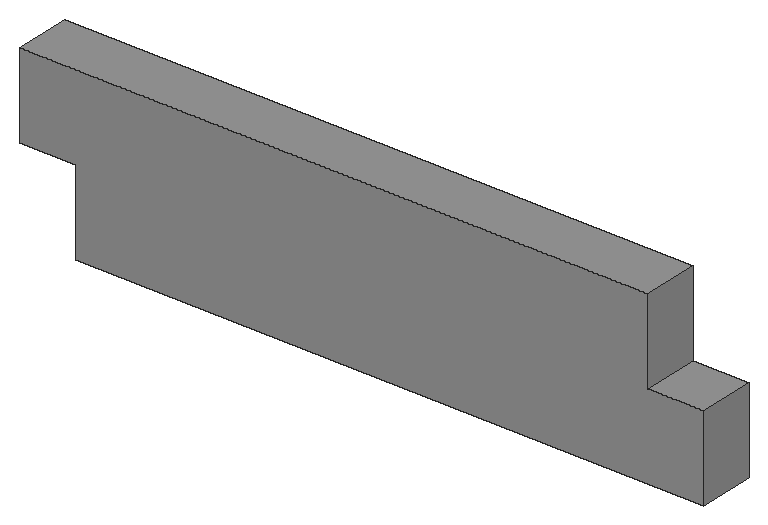
Revit family "Stonepanel_JetDark_ESP", category Modelos genéricos, Revit 2016
Family settings
  Anfitrión = Muro
  Tipo de pieza = Normal
  Puede alojar armadura = No
  Cota de conector redondo = Diámetro de uso
  Siempre vertical = Sí
  Corte con vacíos al cargar = No
  Compartido = No
  Punto de cálculo de habitación = No
Parameters (values of type "Stonepanel® SKY Jet Dark")
  Ventajas de Stonepanel = "Eficaz: Instalación ágil y sencilla : 10 veces más rápido que la mampostería tradicional (Ritmo medio de colocación de 20 m2/día). Mayor rentabilidad gracias al menor desperdicio de material en obra y a la durabilidad de un producto natural frente a otros revestimientos. La colocación de los paneles no requiere mano de obra ni maquinaria especializada.\r\nSeguro: Un sistema de anclaje patentado, de acero inoxidable, que permite su instalación a más de 2 metros de altura. Base de cemento homogénea y rugosa que garantiza la adhesión y permite el corte sin desprendimiento.\r\nCalidad: Control permanente del proceso de producción desde la oficina I+D+I. Una cuidada selección de piedra natural realizada por los expertos de CUPASTONE. Disponibilidad de piezas especiales para adaptarse perfectamente a cada edificio: esquinas (macizas, rectas, dobles o para ventanas), cubremuros, y otros complementarios.\r\nEstética: Forma de “S” que evita la visión de las juntas para homogenizar el aspecto final. Gran variedad de paneles para elegir entre colores y acabados de piedra natural. La propia belleza y exclusividad de la piedra natural: Cada piedra es\r\núnica."
  Usos Indicados = "Revestimiento de Paredes exteriores e interiores en edificaciones nuevas o rehabilitaciones"
  Uniclass 2015 = "Pr_25_71_14_56 Natural stone panels"
  Uniclass 2 = "Pr_25_71_14_56 Natural stone panels"
  URL = "http://www.cupastone.es/producto/stonepanel-laja-negra/"
  Sistema de anclaje = "Cinta perforada en acero inoxidable:\r\n- Naturaleza del acero: AISI 316 (1.4401) o AISI 304 (1.4301)\r\n- Espesor mínimo (mm) : 0,7\r\n- Ancho (mm) : 12 a 15\r\n- Diámetro del hueco (mm) : 6 ± 1\r\n\r\nTacos:\r\nLa elección de los tacos y clavijas de fijación debe ser realizada teniendo en cuenta la acción en depresión del viento (muros exteriores) y de la resistencia de los tacos en el soporte, en función de la naturaleza del soporte."
  Resistencia al fuego = "No combustible"
  Resistencia a la flexión = "-"
  Resistencia al hielo = "Sin alteraciones despues de 50 ciclos"
  Resistencia = "Buena resistencia"
  Peso = "6,5 kg"
  Oxidación = "No oxida"
  Otros datos de interés del producto = "Dispone de un anclaje para instalar a alturas superiores a 2 metros"
  Omniclass = "23-15 15 15 11"
  Número de serie = "SPZ-18TS"
  NBS Reference = "45-25-45/380 Natural stone panels"
  Modelo = "Stonepanel® SKY Laja Negra"
  Material = "Panel de pizarra tradicional, de tonalidades negras y azuladas con tendencia a la oxidación en exteriores, para crear paredes o fachadas únicas, elegantes y llenas de personalidad."
  Limpieza = "En general, los paneles no requieren mantenimiento y son auto- limpiantes, pero la eliminación de algunos tipos de marcas pueden requerir un tratamiento especializado.\r\nEn caso de suciedad anormal, la superficie puede limpiarse con una mezcla / detergente doméstico y agua caliente , aplicada con una almohadilla de limpieza adecuado o una esponja."
  Largo = 610 mm
  Impacto = "-"
  Imagen de tipo = <Ninguno>
  H1 = 76 mm
  Formato = "610x152"
  Forma de suministro = "Los paneles se presentan en parejas, en un embalaje plástico o en cajas de cartón de 3 o 4 piezas."
  Forma = "Forma de \"s\""
  Fabricante = "Cupastone"
  Envejecimiento por cambio térmicos = "Sin alteraciones despues de 20 ciclos."
  Ensayos realizados por SINTEF = "Ensayo a los materiales de piedra, Ensayos a los paneles, Durabilidad y absorción de agua"
  Ensayos realizados por DIBt = "Adherencia entre piedra y mortero, Adherencia entre piedra y mortero tras 50 ciclos de hielo-deshielo"
  Ensayos realizados por BBA = "Resistencia a daños por heladicidad, Resistencia a choque térmico, Adherencia entre piedra y mortero, Resistencia al arrancamiento del anclaje, Resistencia a impacto"
  Ensayos realizados por Avis Technique = "Resistencia mecánica del anclaje, Resistencia mecánica de la cinta de seguridad, Ensayo de durabilidad tras la acción del agua, Ensayo de durabilidad tras la acción del hielo, Ensayo sísmico"
  Durabilidad = "Según el certificado BBA, el sistema tiene una vida de diseño superior a 30 años."
  Detalles constructivos = "Detalles de:\r\n- Instalación con perfil metálico\r\n- Instalación de Stonepanel\r\n- Instalación en muro interior\r\n- Instalación del elemento de seguridad (cinta perforada + tacos)\r\n- Esquinas entrantes\r\n- Esquinas salientes\r\n- Esquinas salientes pre-fabricadas\r\n- Esquinas salientes mediante serrado del panel\r\n- Esquinas salientes sin continuidad de Stonepanel (caso de una fachada lateral)\r\n- Bordes superiores\r\n- Sobre parapeto\r\n- Marco de vano"
  Desfase de altura = 0 mm
  Descripción = "Pieza de piedra natural montada sobre una base de cemento y reforzada con una malla de fibra de vidrio .\r\nPosee sistema de anclaje patentado, de acero inoxidable, que permite su instalación a más de 2 metros de altura"
  Densidad aparente = "77 kg/m2"
  Color secundario = "Gris y marrón"
  Color principal = "Negro"
  Certificaciones = "BBA - Reino Unido, Avis Technique - Francia, DIBt - Alemania, SINTEF - Noruega"
  Aspecto = "Rústico"
  Ancho = 50 mm
  Alto = 152 mm
  Adherencia del mortero = ">1N/mm2"
  Acabado = "Natural"
  Absorción = "Baja absorción"
Reference planes
  plane 1 "Muro": y = 0
  plane 2 "Centro (Izquierda/Derecha)": x = 125
  plane 3 "Posterior": y = 75
Forms (mm)
  Extrusion 1, solid, material "Stonepanel® SKY Jet Dark"
    sketch origin (0, 160, 1120) x (1, 0, 0) y (0, 0, 1)
      loop
        line (125, -1120) -> (125, -1044) -> (75, -1044) -> (75, -968) -> (-485, -968) -> (-485, -1044) -> (-435, -1044) -> (-435, -1120) -> (125, -1120)
    from 35 to 85
Text (mm)
  text "Cara de colocación" at (-1848.837, 1116.779, 0), in view "Nivel de referencia"
  text "Cara de colocación" at (0, 1409.804, 2854.306), in view "Izquierda"
  text "Cara de colocación" at (0, 499.811, 2980.732), in view "Derecha"
Dimensions and locks
  locked: plane 3 "Posterior" to host wall
  locked: Extrusion 1 to plane 3 "Posterior" at 0
  "Ancho": Extrusion 1 to Extrusion 1
  "Largo": Extrusion 1 to Extrusion 1
  "Desfase de altura": level to Extrusion 1
  locked: Extrusion 1 to Extrusion 1 at 50  (x2)
  "Alto": Extrusion 1 to Extrusion 1
  "H1": level to Extrusion 1  (x2)
  aligned and locked: plane 1 "Muro" to host wall
Automatic sketch dimensions
  Extrusion 1 sketch curve to level = 0 mm
  Extrusion 1 sketch curve to plane 2 "Centro (Izquierda/Derecha)" = 0 mm
  Extrusion 1 sketch curve to plane 2 "Centro (Izquierda/Derecha)" = 50 mm
  Extrusion 1 sketch curve to Extrusion 1 sketch curve = 510 mm
  Extrusion 1 sketch curve to Extrusion 1 sketch curve = 50 mm
  level to Extrusion 1 sketch curve = 76 mm  (x2)
  Extrusion 1 sketch curve to Extrusion 1 sketch curve = 76 mm
